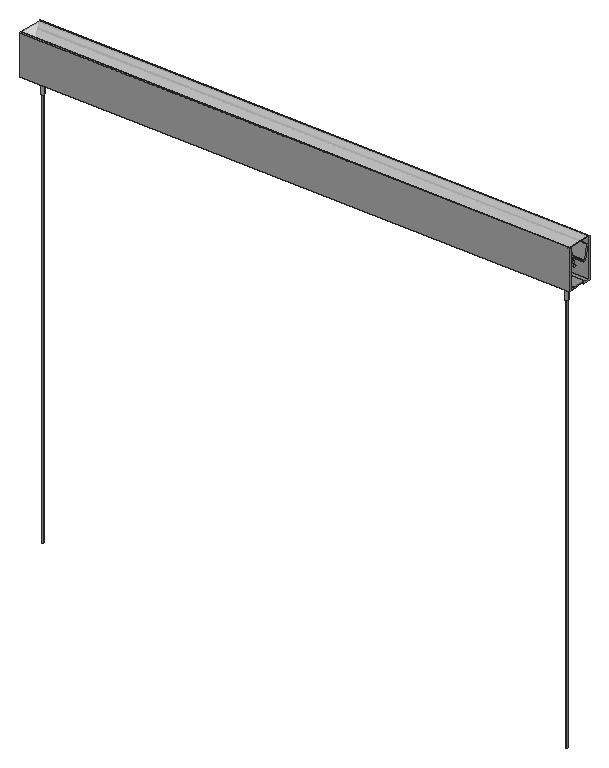
Revit family "2059332 Sylvania Lighting Fixture MC2 D I 1-2M 4K DALI WHT OPAL", category Lighting Fixtures, host Face, Revit 2016
Family settings
  Host = Face
  Part Type = Normal
  Round Connector Dimension = Use Diameter
  OmniClass Number = 23.80.70.11.17
  OmniClass Title = Specialized Lighting by Location or Use
  Cut with Voids When Loaded = No
  Light Source = Yes
  Shared = No
  Room Calculation Point = No
Parameters (values of type "2059332 MC2 D/I 1.2M 4K DALI WHT OPAL")
  Width_SYL = 54.0 mm
  Weight = "3.1 kg"
  Wattage = 32 W
  WarrantyStartDate [instance] = "n/a"
  WarrantyGuarantorParts = "n/a"
  WarrantyDurationUnit = "n/a"
  WarrantyDurationParts = "n/a"
  WarrantyDescription = "n/a"
  built-in parameter 1150110 = 1 (stored number, unit not read)
  Voltage = 0 V
  URL = "http://www.sylvania-lighting.com"
  TypeName = "MC2 D/I 1.2M 4K DALI WHT OPAL"
  built-in parameter 1114217 = 1 (stored number, unit not read)
  Tilt Angle = -90.00°
  built-in parameter 1150109 = 1 (stored number, unit not read)
  built-in parameter 1150134 = 12
  built-in parameter 1150113 = 1 (stored number, unit not read)
  SerialNumber [instance] = "n/a"
  PowerFactor = 0.95
  PowerConsumption = "32 W"
  NominalWidth = 0.0 mm
  NominalLength = 1200.0 mm
  NominalHeight = 86.0 mm
  Name = "MC2 D/I 1.2M 4K DALI WHT OPAL"
  ModelReference = "MC2 D/I 1.2M 4K DALI WHT OPAL"
  ModelNumber = "2059332"
  Material_3_SYL = Metal_Sylvania_Mini Contiuum II_Silver
  Photometric Web File = "2059332.ies"
  Material_4_SYL = Metal_Sylvania_Mini Contiuum II_Silver
  MountingHeight_SYL [instance] = 1000.0 mm
  Material = "aluminium housing, polycarbonate diffuser"
  ManufacturerName = "Feilo Sylvania"
  LuminousEfficacy = "126 lm/W"
  LuminaireType = ""
  LightOutputRatio = "100"
  Length_SYL = 1200.0 mm
  LampsType = Lamp  # "LED"
  LampNominalLuminous = "4032 lm"
  LampMacAdamStep = "3"
  LampColourTemperature = "4000 K"
  LampColourRenderingIndex = "80"
  Keynote = "16500"
  InstallationDate [instance] = "n/a"
  InputVoltage = "n/a"
  InputNominalFrequency = "n/a"
  IngressProtection = "IP20"
  ImpactProtectionIndex = "n/a"
  IfcExportType = "IfcLightFixtureType"
  IfcExportAs = "IfcLightFixtureType"
  Height_SYL = 86.0 mm
  ExpectedLife = 50000
  EndCapRight_SYL [instance] = no
  EndCapLeft_SYL [instance] = no
  Emit from Rectangle Width = Width_SYL - 2.0 mm  # 52.0 mm
  Emit from Rectangle Length = Length_SYL  # 1200.0 mm
  Emit Shape Visible in Rendering = no
  ElectricShockClassification = "Class I"
  DurationUnit = "hours"
  DocumentationLiterature = "http://www.sylvania-lighting.com/product/en-int/products/2059332"
  DimmingControlOptions = "n/a"
  CreatedOn = "10/15/2018"
  CreatedBy = "@sylvania-lighting.com"
  built-in parameter 1114216 [instance] = 1 (stored number, unit not read)
  Model = "MC2 D/I 1.2M 4K DALI WHT OPAL"
  Manufacturer = "Feilo Sylvania"
  built-in parameter 1150105 = 320.86 (stored number, unit not read)
  Lumens = 4032 lm
  built-in parameter 1150115 = 1 (stored number, unit not read)
  built-in parameter 1150137 = (empty or 0)
  built-in parameter 1150139 = (empty or 0)
  built-in parameter 1150112 = 1 (stored number, unit not read)
  built-in parameter 1150114 = 1 (stored number, unit not read)
  Lamp = "LED"
  built-in parameter 1150132 = 2
  built-in parameter 1150102 = (empty or 0)
  built-in parameter 1150107 = 4000 (stored number, unit not read)
  built-in parameter 1150138 = (empty or 0)
  built-in parameter 1150106 = 3.2086 (stored number, unit not read)
  Material_1_SYL = Metal_Sylvania_Mini Continuum II_White
  built-in parameter 1150104 = 11.706 (stored number, unit not read)
  Dimming Lamp Color Temperature Shift = <None>
  Material_2_SYL = Polycarbonate_Sylvania_Mini Continuum II_Opal_4000K
  Description = "2059332   MC2 D/I 1.2M 4K DALI WHT OPAL  Continuous lines of LED light, white RAL 9016, direct/indirect distribution (65/35), various accessories available, compact and minimalist design based on the Golden Mean, ideal for offices, meeting rooms, corridors, education facilities, museums and libraries, extruded aluminium body, diffuser: opal, colour temperature: 4000K neutral white, total system power: 32W, total fixture output: 3833lm, luminaire efficacy: 120lm/W, LOR: 100%, colour rendering: Ra >80, LED Chromacity: 1 step MacAdam ellipse, lifetime: 60,000 hours at 90% of the original output (L90), energy class: A++, A+, A, IR/UV free light source without heat radiation, operating voltage: 220-240V / 50-60Hz, drive current: (Direct) 800mA + (Indirect) 350mA, electronic driver, DALI dimmable, direct/indirect independently addressable, electrical protection: CLASS I, ingress protection rating: IP20, suitable for internal environment only."
  Default Elevation = 0.0 mm
  Color Filter = 16777215
  built-in parameter 1140040 [instance] = 1
  BarCode [instance] = "n/a"
  built-in parameter 1114218 = 1 (stored number, unit not read)
  built-in parameter 1150133 = 10 (stored number, unit not read)
  AssetType = "Fixed"
  AssetIdentifier [instance] = "n/a"
  Assembly Code = "D5020200"
  Apparent Load = 32 VA
Reference planes
  plane 1 "Center (Front/Back)": y = 0
  plane 2 "Bottom Fixtures": z = 0
  plane 3 "Center (Left/Right)": x = 0
  plane 4 "Fixture Left": x = -600
  plane 5 "Fixture Right": x = 600
  plane 6 "Fixture Bottom": z = 1000
  plane 7: z = 998
  plane 8: z = 996
  plane 9: z = 986.951
  plane 10: z = 956.951
  plane 11 "Fixture Top": z = 914
  plane 12 "Mounting Right": x = 572
  plane 13 "Mounting Left": x = -572
  plane 14: z = 879
  plane 15: y = 27
  plane 16: y = -27
  plane 17: y = -26
  plane 18: y = -25
  plane 19: y = 26
  plane 20: y = 25
  plane 21: y = 11
  plane 22: y = -11
  plane 23: y = 24
  plane 24: y = 22
  plane 25: y = -22
  plane 26: y = 15
  plane 27: y = -15
  plane 28 "Upper Diffuser Left": x = -450
  plane 29 "Upper Diffuser Right": x = 450
  plane 30: x = -602
  plane 31: x = 602
Forms (mm)
  Extrusion 1, solid, material "Metal_Sylvania_Mini Continuum II_White" <- "Material_1_SYL", detail levels fine
    sketch origin (0, 0, 520) x (0, 1, 0) y (0, 0, 1)
      loop
        line (27, 480) -> (26, 480) -> (26, 478) -> (25, 478) -> (25, 396) -> (13, 396) -> (13, 398) -> (-13, 398) -> (-13, 396) -> (-25, 396) -> (-25, 478) -> (-26, 478) -> (-26, 480) -> (-27, 480) -> (-27, 394) -> (-11, 394) -> (-11, 396) -> (11, 396) -> (11, 394) -> (27, 394) -> (27, 480)
    from -600 to 600
  Extrusion 2, solid, material "Polycarbonate_Sylvania_Mini Continuum II_Opal_4000K" <- "Material_2_SYL", detail levels fine
    sketch origin (0, 0, 520) x (0, 1, 0) y (0, 0, 1)
      loop
        line (-26, 480) -> (-26, 478) -> (26, 478) -> (26, 480) -> (-26, 480)
    from -600 to 600
  Extrusion 3, solid, material "Metal_Sylvania_Mini Contiuum II_Silver" <- "Material_3_SYL", detail levels fine
    sketch origin (0, 0, 520) x (0, 1, 0) y (0, 0, 1)
      loop
        line (22, 466.951) -> (20.973, 466.951) -> (14.206, 437.951) -> (11, 437.951) -> (11, 436.951) -> (15, 436.951) -> (22, 466.951)
      loop
        line (-15, 436.951) -> (-11, 436.951) -> (-11, 437.951) -> (-14.206, 437.951) -> (-20.973, 466.951) -> (-22, 466.951) -> (-15, 436.951)
    from -600 to 600
  Extrusion 4, solid, material "Metal_Sylvania_Mini Continuum II_White" <- "Material_1_SYL", detail levels coarse+medium
    sketch origin (0, 0, 520) x (0, 1, 0) y (0, 0, 1)
      loop
        line (-27, 480) -> (-27, 394) -> (27, 394) -> (27, 480) -> (-27, 480)
    from -600 to 600
  Extrusion 5, solid, material "Metal_Sylvania_Mini Contiuum II_Silver" <- "Material_4_SYL", detail levels fine
    sketch origin (0, 0, -86) x (-1, 0, 0) y (0, -1, 0)
      loop
        circle (572, 0) r 4
      loop
        circle (-572, 0) r 4
    from 965 to 1002
  Extrusion 6, solid, material "Metal_Sylvania_Mini Contiuum II_Silver" <- "Material_4_SYL", detail levels fine
    sketch origin (0, 0, -86) x (-1, 0, 0) y (0, -1, 0)
      loop
        circle (-572, 0) r 1
      loop
        circle (572, 0) r 1
    from 86 to 965
  Extrusion 7, solid, material "Polycarbonate_Sylvania_Mini Continuum II_Opal_4000K" <- "Material_2_SYL", detail levels fine
    sketch origin (0, 0, 0) x (0, 1, 0) y (0, 0, 1)
      loop
        arc (11, 916) -> (5.59, 914.504) -> (0, 914) r 31.25
        arc (0, 914) -> (-5.59, 914.504) -> (-11, 916) r 31.25
        line (-11, 916) -> (-11, 914.934)
        arc (-11, 914.934) -> (-5.584, 913.487) -> (0, 913) r 32.25
        arc (0, 913) -> (5.584, 913.487) -> (11, 914.934) r 32.25
        line (11, 914.934) -> (11, 916)
    from -450 to 450
  Extrusion 8, void
    sketch origin (0, 0, 0) x (0, 1, 0) y (0, 0, 1)
      loop
        line (11, 918) -> (-11, 918) -> (-11, 916) -> (11, 916) -> (11, 918)
    from -450 to 450
  Extrusion 9, solid, material "Metal_Sylvania_Mini Continuum II_White" <- "Material_1_SYL", visible <- "EndCapLeft_SYL"
    sketch origin (-600, 171.684, 1219.2) x (0, 1, 0) y (0, 0, 1)
      loop
        line (-198.684, -305.2) -> (-144.684, -305.2) -> (-144.684, -219.2) -> (-198.684, -219.2) -> (-198.684, -305.2)
    from 0 to -2
  Extrusion 10, solid, material "Metal_Sylvania_Mini Continuum II_White" <- "Material_1_SYL", visible <- "EndCapRight_SYL"
    sketch origin (600, 171.684, 1219.2) x (0, 1, 0) y (0, 0, -1)
      loop
        line (-144.684, 219.2) -> (-144.684, 305.2) -> (-198.684, 305.2) -> (-198.684, 219.2) -> (-144.684, 219.2)
    from 0 to -2
Cuts and joins
  Extrusion 8 cuts Extrusion 1
Lines and regions (mm)
  Masking region 1
    outline origin (0, 0, -86) x (-1, 0, 0) y (0, -1, 0)
      loop
        line (600, -27) -> (600, 27) -> (-600, 27) -> (-600, -27) -> (600, -27)
  symbolic lines, detail levels fine
    curve 1: line (-600, 26, -86) -> (600, 26, -86)
    curve 2: line (-600, -26, -86) -> (600, -26, -86)
  model lines, detail levels coarse+medium
    curve 3: line (-572, 0, 914) -> (-572, 0, 0)
    curve 4: line (572, 0, 914) -> (572, 0, 0)
Dimensions and locks
  host sketch curve to plane 3 "Center (Left/Right)" to host sketch curve = 820.0 mm, 775.047 mm
  equal spacing: plane 4 "Fixture Left", plane 3 "Center (Left/Right)", plane 5 "Fixture Right"
  "Length_SYL": plane 4 "Fixture Left" to plane 5 "Fixture Right"
  plane 6 "Fixture Bottom" to plane 7 to plane 8 to plane 9 to plane 10 = 2.0 mm locked, 2.0 mm locked, 9.049 mm locked, 30.0 mm locked
  locked: Extrusion 1 sketch curve to Extrusion 1 sketch curve at 2
  locked: Extrusion 1 sketch curve to plane 11 "Fixture Top" at 2
  "Height_SYL": plane 6 "Fixture Bottom" to plane 11 "Fixture Top"
  locked: plane 12 "Mounting Right" to plane 5 "Fixture Right" at 28
  locked: plane 4 "Fixture Left" to plane 13 "Mounting Left" at 28
  locked: plane 11 "Fixture Top" to plane 14 at 35
  "MountingHeight_SYL": plane 6 "Fixture Bottom" to plane 2 "Bottom Fixtures"
  equal spacing: plane 15, plane 1 "Center (Front/Back)", plane 16
  "Width_SYL": plane 15 to plane 16
  plane 22 to plane 27 to plane 25 to plane 18 to plane 17 to plane 16 = 4.0 mm locked, 7.0 mm locked, 3.0 mm locked, 1.0 mm locked, 1.0 mm locked
  plane 15 to plane 19 to plane 20 to plane 23 to plane 24 to plane 26 to plane 21 = 1.0 mm locked, 1.0 mm locked, 1.0 mm locked, 2.0 mm locked, 7.0 mm locked, 4.0 mm locked
  locked: plane 4 "Fixture Left" to plane 28 "Upper Diffuser Left" at 150
  locked: plane 29 "Upper Diffuser Right" to plane 5 "Fixture Right" at 150
  equal spacing: plane 30, plane 3 "Center (Left/Right)", plane 31
  locked: plane 30 to plane 4 "Fixture Left" at 2
  aligned and locked: plane 2 "Bottom Fixtures" to host face
  aligned and locked: level to host face
  aligned and locked: plane 5 "Fixture Right" to curve 1
  aligned and locked: plane 4 "Fixture Left" to curve 1
  aligned and locked: plane 4 "Fixture Left" to curve 2
  aligned and locked: plane 5 "Fixture Right" to curve 2
  aligned and locked: Extrusion 1 sketch curve to plane 7
  aligned and locked: plane 6 "Fixture Bottom" to Extrusion 1 sketch curve  (x2)
  aligned and locked: plane 7 to Extrusion 1 sketch curve
  aligned and locked: Extrusion 1 to Extrusion 2 sketch curve
  aligned and locked: Extrusion 2 sketch curve to Extrusion 1  (x3)
  aligned and locked: Extrusion 3 sketch curve to plane 10
  aligned and locked: plane 9 to Extrusion 3 sketch curve
  aligned and locked: Extrusion 3 sketch curve to plane 9
  aligned and locked: Extrusion 4 sketch curve to plane 6 "Fixture Bottom"
  aligned and locked: Extrusion 4 to plane 4 "Fixture Left"
  aligned and locked: Extrusion 2 to plane 4 "Fixture Left"
  aligned and locked: Extrusion 3 to plane 4 "Fixture Left"
  aligned and locked: Extrusion 1 to plane 4 "Fixture Left"
  aligned and locked: Extrusion 4 to plane 5 "Fixture Right"
  aligned and locked: Extrusion 2 to plane 5 "Fixture Right"
  aligned and locked: Extrusion 3 to plane 5 "Fixture Right"
  aligned and locked: Extrusion 1 to plane 5 "Fixture Right"
  aligned and locked: plane 11 "Fixture Top" to Extrusion 4 sketch curve
  aligned and locked: Extrusion 1 sketch curve to plane 11 "Fixture Top"  (x2)
  aligned and locked: Extrusion 1 sketch curve to Extrusion 1 sketch curve
  aligned and locked: plane 6 "Fixture Bottom" to imposter light
  aligned and locked: plane 11 "Fixture Top" to curve 3
  aligned and locked: plane 2 "Bottom Fixtures" to curve 3
  aligned and locked: plane 11 "Fixture Top" to curve 4
  aligned and locked: plane 2 "Bottom Fixtures" to curve 4
  aligned and locked: curve 4 to plane 12 "Mounting Right"
  aligned and locked: curve 3 to plane 13 "Mounting Left"
  aligned and locked: Extrusion 5 to Extrusion 1
  aligned and locked: Extrusion 5 to plane 14
  aligned and locked: plane 14 to Extrusion 6
  aligned and locked: Extrusion 6 to level
  aligned and locked: plane 11 "Fixture Top" to Extrusion 7 sketch curve
  aligned and locked: Extrusion 7 to plane 28 "Upper Diffuser Left"
  aligned and locked: Extrusion 7 to plane 29 "Upper Diffuser Right"
  aligned and locked: plane 21 to Extrusion 3 sketch curve
  aligned and locked: Extrusion 3 sketch curve to plane 22
  aligned and locked: Extrusion 8 sketch curve to plane 21
  aligned and locked: Extrusion 8 sketch curve to plane 22
  aligned and locked: Extrusion 8 sketch curve to Extrusion 1  (x2)
  aligned and locked: Extrusion 8 to Extrusion 7  (x2)
  aligned and locked: plane 21 to Extrusion 7 sketch curve
  aligned and locked: plane 1 "Center (Front/Back)" to Extrusion 7 sketch curve
  aligned and locked: plane 22 to Extrusion 7 sketch curve
  aligned and locked: Extrusion 9 sketch curve to Extrusion 4  (x4)
  aligned and locked: Extrusion 9 to plane 30
  aligned and locked: plane 4 "Fixture Left" to Extrusion 9
  aligned and locked: Extrusion 10 sketch curve to Extrusion 4  (x4)
  aligned and locked: plane 31 to Extrusion 10
  aligned and locked: plane 5 "Fixture Right" to Extrusion 10
Automatic sketch dimensions
  host sketch curve to host sketch curve = 1047.463 mm
  plane 19 to curve 1 = 0.0 mm
  curve 2 to plane 17 = 0.0 mm
  Masking region 1 sketch curve to plane 5 "Fixture Right" = 0.0 mm
  Masking region 1 sketch curve to plane 4 "Fixture Left" = 0.0 mm
  plane 15 to Masking region 1 sketch curve = 0.0 mm
  Masking region 1 sketch curve to plane 16 = 0.0 mm
  Extrusion 1 sketch curve to plane 16 = 0.0 mm
  Extrusion 1 sketch curve to plane 17 = 0.0 mm
  Extrusion 1 sketch curve to plane 18 = 0.0 mm
  Extrusion 1 sketch curve to plane 22 = 0.0 mm
  Extrusion 1 sketch curve to plane 21 = 0.0 mm
  Extrusion 1 sketch curve to plane 20 = 0.0 mm
  Extrusion 1 sketch curve to plane 19 = 0.0 mm
  Extrusion 1 sketch curve to plane 15 = 0.0 mm
  plane 11 "Fixture Top" to Extrusion 1 sketch curve = 2.0 mm
  Extrusion 1 sketch curve to plane 22 = 2.0 mm
  Extrusion 1 sketch curve to plane 21 = 2.0 mm
  Extrusion 3 sketch curve to plane 25 = 0.0 mm
  Extrusion 3 sketch curve to plane 27 = 0.0 mm
  Extrusion 3 sketch curve to plane 26 = 0.0 mm
  Extrusion 3 sketch curve to plane 24 = 0.0 mm
  plane 10 to Extrusion 3 sketch curve = 1.0 mm
  Extrusion 3 sketch curve to Extrusion 3 sketch curve = 1.027 mm
  plane 27 to Extrusion 3 sketch curve = 0.794 mm
  plane 26 to Extrusion 3 sketch curve = 0.794 mm
  plane 24 to Extrusion 3 sketch curve = 1.027 mm
  Extrusion 4 sketch curve to plane 16 = 0.0 mm
  Extrusion 4 sketch curve to plane 15 = 0.0 mm
  plane 1 "Center (Front/Back)" to Extrusion 5 sketch curve = 0.0 mm  (x2)
  Extrusion 5 sketch curve to plane 12 "Mounting Right" = 0.0 mm
  Extrusion 5 sketch curve to plane 13 "Mounting Left" = 0.0 mm
  plane 1 "Center (Front/Back)" to Extrusion 6 sketch curve = 0.0 mm  (x2)
  Extrusion 6 sketch curve to plane 12 "Mounting Right" = 0.0 mm
  Extrusion 6 sketch curve to plane 13 "Mounting Left" = 0.0 mm
  Extrusion 7 sketch curve to Extrusion 7 sketch curve = 0.0 mm  (x4)
  plane 11 "Fixture Top" to Extrusion 7 sketch curve = 0.934 mm
  Extrusion 3 sketch curve to Extrusion 3 sketch curve = 0.0 mm
  Extrusion 3 sketch curve to plane 10 = 0.0 mm
  plane 11 "Fixture Top" to Extrusion 7 sketch curve = 2.0 mm
  radius of Extrusion 5 sketch curve = 4.0 mm  (x2)
  radius of Extrusion 6 sketch curve = 1.0 mm  (x2)
Connectors
  electrical at (600, 0, 949), driven by "Apparent Load"
    settings: on Extrusion 1, index 1, voltage 230 V, apparent load 0 VA, apparent load phase1 32 VA, apparent load phase2 0 VA, apparent load phase3 0 VA, power factor 1, load classification "Lighting", number of poles 1, system type 31, power factor state 1, is connector primary yes, connector utility no, sub classification motor no, connector description ""
